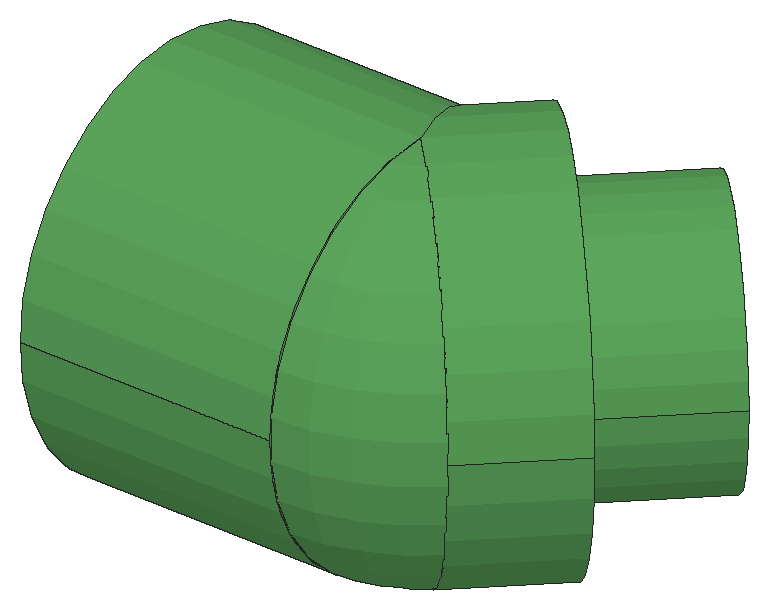
Revit family "Aquatherm_Угольник 90 и 45 внутр.наружн.", category Соединительные детали трубопроводов, Revit 2019
Family settings
  Размер круглого соединителя = Использовать диаметр
  Тип детали = Отвод
  На основе рабочей плоскости = Нет
  Всегда вертикально = Да
  При загрузке вырезать с полостями = Нет
  Общий = Нет
Parameters (values of type "SDR 9")
  Материал_Корпус = AquaTherm green pipe
  z1 [instance] = size_lookup("Угольник 90 и 45 внутр.наружн.", "z1", 20 mm, d, a1)  # 9 mm
  z [instance] = size_lookup("Угольник 90 и 45 внутр.наружн.", "z", 20 mm, d, a1)  # 5 mm
  l1 [instance] = size_lookup("Угольник 90 и 45 внутр.наружн.", "l1", d + 5 mm, d, a1)  # 19.5 mm
  a1 [instance] = if(and(40.00° < a, a < 50.00°), 45.00°, if(and(85.00° < a, a < 95.00°), 90.00°, 45.00°))  # 45.00°
  d [instance] = 20 mm
  a [instance] = 45.00°
  l [instance] = size_lookup("Угольник 90 и 45 внутр.наружн.", "l", d + 5 mm, d, a1)  # 19.5 mm
  URL = "www.agpipe.ru"
  SDR = 9 mm
  D [instance] = size_lookup("Угольник 90 и 45 внутр.наружн.", "D", d + 8 mm, d, a1)  # 29.5 mm
  ADSK_Примечание = ""
  ADSK_Позиция [instance] = ""
  ADSK_Обозначение = ""
  ADSK_Наименование [instance] = size_lookup("Угольник 90 и 45 внутр.наружн.", "ADSK_Наименование", "Нет в каталоге", d, a1)  # "Угольник 45° внутр./наружн. Dn20"
  ADSK_Масса_Текст [instance] = size_lookup("Угольник 90 и 45 внутр.наружн.", "ADSK_Масса_Текст", "Нет в каталоге", d, a1)  # "0.013"
  ADSK_Код изделия [instance] = size_lookup("Угольник 90 и 45 внутр.наружн.", "ADSK_Код изделия", "Нет в каталоге", d, a1)  # "12708"
  ADSK_Завод-изготовитель = "Aquatherm"  # constant formula
  ADSK_Единица измерения = "шт."  # constant formula
Types (5, lengths in mm): name | SDR
  (no name) | 9
  SDR 6 | 6
  SDR 7.4 | 7.4
  SDR 9 | 9
  SDR 11 | 11
Reference planes
  plane 1 "По центру (Вперед/Назад)": y = 0
  plane 2: z = 0
  plane 3 "По центру (Влево/Вправо)": x = 0
  plane 4: x = -19.5
  plane 5: x = -5
  plane 6: y = 9
  plane 7: y = 22
Forms (mm)
  Revolve 1, solid, material "AquaTherm green pipe" <- "Материал_Корпус"
    sketch origin (0, 0, 0) x (0, 1, 0) y (0, 0, -1)
      loop
        line (0, -14.75) -> (0, 14.75)
        arc (0, 14.75) -> (-14.75, 0) -> (0, -14.75) r 14.75
      axis (0, -14.75) -> (0, 14.75)
    angle from 0 to 45 <- "a1"
  Sweep 2, solid, material "AquaTherm green pipe" <- "Материал_Корпус"
    path origin (0, 0, 0) x (1, 0, 0) y (0, 1, 0)
      loop
        line (0, 0) -> (-19.5, 0)
    profile origin (-9.75, 0, 0) x (0, -1, 0) y (0, 0, 1)
      loop
        circle (0, 0) r 14.75
      loop
        circle (0, 0) r 10
  Sweep 3, void
    path origin (0, 0, 0) x (1, 0, 0) y (0, 1, 0)
      loop
        line (0, 0) -> (28.284, 28.284)
    profile origin (14.142, 14.142, 0) x (-0.707107, 0.707107, 0) y (0, 0, 1)
      loop
        circle (0, 0) r 14.75
Cuts and joins
  Sweep 3 cuts Sweep 2
Lines and regions (mm)
  reference lines
    curve 1: line (0, 0, 0) -> (-5, 0, 0)
Dimensions and locks
  "l": plane 4 to plane 3 "По центру (Влево/Вправо)"
  "z": plane 5 to plane 3 "По центру (Влево/Вправо)"
  Revolve 1 sketch curve to Revolve 1 sketch curve = 29.5 mm
  "D": Revolve 1 sketch curve to Revolve 1 sketch curve
  "D": diameter of Sweep 2 sketch curve
  "d": diameter of Sweep 2 sketch curve
  "D": diameter of Sweep 3 sketch curve
  "a": angle plane 1 "По центру (Вперед/Назад)" to Sweep 3 sketch curve
  aligned and locked: level to plane 2
  aligned and locked: plane 3 "По центру (Влево/Вправо)" to Revolve 1
  aligned and locked: plane 1 "По центру (Вперед/Назад)" to Revolve 1
  aligned and locked: plane 3 "По центру (Влево/Вправо)" to nested 1
  aligned and locked: plane 1 "По центру (Вперед/Назад)" to nested 1
  aligned and locked: plane 3 "По центру (Влево/Вправо)" to curve 1
  aligned and locked: plane 5 to curve 1
  aligned and locked: curve 1 to plane 1 "По центру (Вперед/Назад)"
  aligned and locked: plane 4 to Sweep 2 sketch curve
  aligned and locked: plane 3 "По центру (Влево/Вправо)" to Sweep 2 sketch curve
  aligned and locked: Sweep 2 sketch curve to plane 1 "По центру (Вперед/Назад)"
Automatic sketch dimensions
  Revolve 1 sketch curve to plane 1 "По центру (Вперед/Назад)" = 0 mm  (x2)
  Revolve 1 sketch curve to level = 0 mm
  Revolve 1 sketch curve to Revolve 1 sketch curve = 2.75 mm
  Revolve 1 sketch curve to Revolve 1 sketch curve = 4.151 mm
  Sweep 2 sketch curve to Sweep 2 sketch curve = 0 mm  (x2)
  Sweep 2 sketch curve to level = 0 mm
  Sweep 2 sketch curve to profile plane = 0 mm
  plane 1 "По центру (Вперед/Назад)" to Sweep 3 sketch curve = 0 mm
  Sweep 3 sketch curve to plane 3 "По центру (Влево/Вправо)" = 0 mm
  level to Sweep 3 sketch curve = 0 mm
  Sweep 3 sketch curve to profile plane = 0 mm
Nested families
  nested 1: "Семейство2" at (0, 0, 0), D <- "D", a <- "a1", d <- "d", l1 <- "l1", z1 <- "z1", Материал_Корпус <- "Материал_Корпус", type "Семейство2"
    with Материал_Корпус AquaTherm green pipe, z1 9 mm, l1 19.5 mm, d 20 mm, a 45.00°, D 29.5 mm
Connectors
  piping at (-5, 0, 0), diameter 20, driven by "d", driven by "a"
    settings: on curve 1, index 1, connector inside diameter 609.6 mm, connector length 0 mm, flow factor 0, pipe flow 0.0 L/s, pressure drop 0.0 Pa, fitting loss kfactor 0, connector angle 45.00°, fixture units 0, engagement length 0 mm, angle of deflection 0.00°, flow configuration 1, flow direction 0, fitting loss method 4, system type 28, joint type 0, gender type 0, connector reference index -1, connector utility 0, adjustable connector no, is connector primary yes, connector description ""
  piping at (6.364, 6.364, 0), diameter 20, driven by "d", driven by "a"
    settings: on nested 1, index 2, connector inside diameter 609.6 mm, connector length 0 mm, flow factor 0, pipe flow 0.0 L/s, pressure drop 0.0 Pa, fitting loss kfactor 0, connector angle 45.00°, fixture units 0, engagement length 0 mm, angle of deflection 0.00°, flow configuration 0, flow direction 0, fitting loss method 0, system type 28, joint type 0, gender type 0, connector reference index -1, connector utility 0, adjustable connector no, is connector primary no, connector description ""
Definition of nested family "Семейство2"
  Parameters (values of type "Семейство2")
    Материал_Корпус [instance] = none
    z1 [instance] = 30 mm
    l1 [instance] = 130 mm
    d [instance] = 16 mm
    a [instance] = 27.00°
    D [instance] = 120 mm
  Reference planes
    plane 1 "По центру (Вперед/Назад)": y = 0
    plane 2: z = 0
    plane 3 "По центру (Влево/Вправо)": x = 0
  Dimensions and locks
    "a": angle plane 1 "По центру (Вперед/Назад)" to nested 1
    aligned and locked: level to plane 2
  Nested families
    nested 1: "Семейство1" at (0, 0, 0) x (0.891, 0.454, 0) z (0, 0, 1), D <- "D", d <- "d", Материал_Корпус <- "Материал_Корпус", type "Семейство1"
      with z1 9 mm, l1 19 mm, d 16 mm, D 120 mm
  Definition of nested family "Семейство1"
    Parameters (values of type "Семейство1")
      Материал_Корпус [instance] = none
      z1 [instance] = 9 mm
      l1 [instance] = 19 mm
      d [instance] = 20 mm
      D [instance] = 29 mm
    Reference planes
      plane 1 "По центру (Вперед/Назад)": y = 0
      plane 2: z = 0
      plane 3 "По центру (Влево/Вправо)": x = 0
      plane 4: y = 14.5
      plane 5: y = -14.5
      plane 6: x = 19
      plane 7: x = 9
      plane 8: y = 10
      plane 9: y = -10
    Forms (mm)
      Revolve 1, solid, material <- "Материал_Корпус"
        sketch origin (0, 0, 0) x (1, 0, 0) y (0, 1, 0)
          loop
            line (0, 14.5) -> (0, 8.091) -> (19, 8.091) -> (19, 10) -> (9, 10) -> (9, 14.5) -> (0, 14.5)
          axis (0, 0) -> (19, 0)
        angle from 0 to 360
    Dimensions and locks
      equal spacing: plane 4, plane 1 "По центру (Вперед/Назад)", plane 5
      "D": plane 4 to plane 5
      "l1": plane 3 "По центру (Влево/Вправо)" to plane 6
      "z1": plane 3 "По центру (Влево/Вправо)" to plane 7
      equal spacing: plane 8, plane 1 "По центру (Вперед/Назад)", plane 9
      "d": plane 8 to plane 9
      locked: plane 8 to Revolve 1 sketch curve at 1.909
      aligned and locked: level to plane 2
      aligned and locked: Revolve 1 sketch curve to plane 4
      aligned and locked: Revolve 1 sketch curve to plane 8
      aligned and locked: Revolve 1 sketch curve to plane 7
      aligned and locked: Revolve 1 sketch curve to plane 6
      aligned and locked: plane 3 "По центру (Влево/Вправо)" to Revolve 1 sketch curve  (x2)
    Automatic sketch dimensions
      plane 1 "По центру (Вперед/Назад)" to Revolve 1 sketch curve = 0 mm
      Revolve 1 sketch curve to plane 6 = 0 mm
